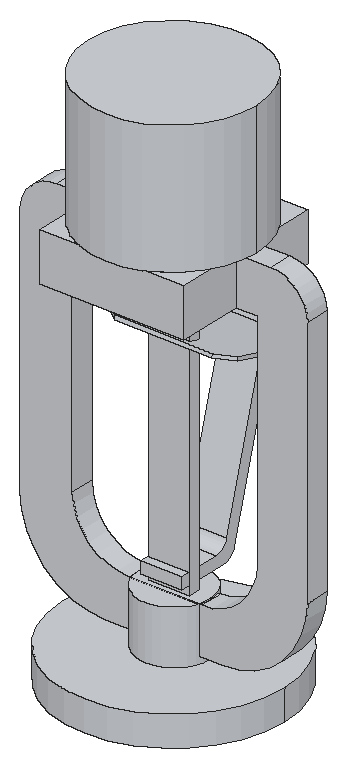
Revit family
Parameters (values of type "RASCO GFR PENDENT")
  Temperature Rating = 165 °F
  Response = 1
  RASCO SIN # = "R3115"
  RASCO Part # = "GFRPC"
  Pressure Rating = "175 PSI"
  Pressure Class = (empty or 0)
  Orifice Size = 1/2"
  Orifice = (empty or 0)
  Model = "GFR"
  Manufacturer = "RASCO"
  K-Factor = 8
  Description = "Chrome Finish"
  Coverage = (empty or 0)
Reference planes (in)
  plane 1 "Center (Front/Back)": y = 0
  plane 2: z = 0
  plane 3 "Center (Left/Right)": x = 0
Dimensions and locks (in)
  aligned and locked: plane 2 to level
Nested families (in)
  nested 1: "GFRPC" at (-0.0055, 0, 2.875) x (-1, 0, 0) z (0, 0, -1), type "RASCO GFR PENDENT"
Connectors (in)
  piping at (-0.0055, 0, 2.875)
    settings: on nested 1, index 1, connector radius 0.45", flow factor 0, pipe flow 0 GPM, pressure drop 0.00 psi, fitting loss kfactor 0, connector angle 0.00°, fixture units 0, flow configuration 0, flow direction 0, fitting loss method 0, system type 7, connector reference index -1, connector utility 0, adjustable connector no, is connector primary yes, fitting loss table "", connector description ""
Definition of nested family "GFRPC"
  Parameters (values of type "RASCO GFR PENDENT")
    Type Comments = ""
    Temperature Rating = 0 °F
    Response = (empty or 0)
    Pressure Rating = "0"
    Pressure Class = (empty or 0)
    Orifice Size = 0"
    Orifice = (empty or 0)
    Model = ""
    Manufacturer = ""
    K-Factor = 0
    Description = ""
    Coverage = (empty or 0)
    Assembly Code = ""
  Reference planes (in)
    plane 1 "Center (Front/Back)": y = 0
    plane 2: z = 0
    plane 3 "ref.2": z = 0.6875
    plane 4 "ref.3": z = 0.9375
    plane 5: x = -0.38065
    plane 6: x = 0.36935
    plane 7 "ref. side 1": y = 0.06402
    plane 8 "ref. side 2": y = -0.06098
    plane 9 "ref.4": z = 1.875
    plane 10 "ref.5": z = 2.875
    plane 11 "center": x = -0.00574
    plane 12 "clip": through (0, 0.52703, 1.36085) normal (0, 0.2756, -0.9613)
    plane 13 "head": z = 2.83335
  Forms (in)
    Extrusion 1, solid
      sketch origin (0, 0, 0) x (1, 0, 0) y (0, 1, 0)
        loop
          circle (0, 0) r 0.438
      from 0 to 0.6875
    Extrusion 2, solid
      sketch origin (-0.12185, 0.05177, 0.6875) x (1, 0, 0) y (0, 1, 0)
        loop
          line (-0.2588, 0.356) -> (-0.2588, -0.4565) -> (0.4912, -0.4565) -> (0.4912, 0.356) -> (-0.2588, 0.356)
      from 0 to 0.25
    Extrusion 3, solid
      sketch origin (0, 0, 0) x (1, 0, 0) y (0, 0, 1)
        loop
          line (-0.49248, 0.9375) -> (-0.49248, 2.10276)
          arc (-0.49248, 2.10276) -> (-0.40724, 2.30855) -> (-0.20145, 2.39379) r 0.29103
          line (-0.20145, 2.39379) -> (0.18108, 2.39379)
          arc (0.18108, 2.39379) -> (0.38905, 2.30765) -> (0.47519, 2.09969) r 0.29411
          line (0.47519, 2.09969) -> (0.47519, 0.9375) -> (0.36935, 0.9375) -> (0.36935, 0.6875) -> (0.55741, 0.6875)
          arc (0.55741, 0.6875) -> (0.69165, 0.7431) -> (0.74725, 0.87734) r 0.18984
          line (0.74725, 0.87734) -> (0.74725, 2.19113)
          arc (0.74725, 2.19113) -> (0.61669, 2.50631) -> (0.3015, 2.63687) r 0.44574
          line (0.3015, 2.63687) -> (-0.30719, 2.63687)
          arc (-0.30719, 2.63687) -> (-0.62225, 2.50637) -> (-0.75275, 2.19131) r 0.44556
          line (-0.75275, 2.19131) -> (-0.75275, 0.87876)
          arc (-0.75275, 0.87876) -> (-0.69673, 0.74352) -> (-0.56149, 0.6875) r 0.19126
          line (-0.56149, 0.6875) -> (-0.38065, 0.6875) -> (-0.38065, 0.9375) -> (-0.49248, 0.9375)
      from -0.06402 to 0.06098
    Extrusion 4, solid
      sketch origin (-0.00199, 0, 2.4375) x (-1, 0, 0) y (0, -1, 0)
        loop
          circle (0.00574, -0.00152) r 0.1875
      from -0.04371 to 0.4375
    Extrusion 5, solid
      sketch origin (0, 0, 0.9375) x (-1, 0, 0) y (0, -1, 0)
        loop
          line (-0.10175, -0.02852) -> (0.11324, -0.02852) -> (0.11324, 0.03101) -> (-0.10175, 0.03101) -> (-0.10175, -0.02852)
      from 0 to 1.45629
    Extrusion 6, solid
      sketch origin (-0.00574, 0, 0) x (0, 0, -1) y (0, -1, 0)
        loop
          line (-2.34418, 0.08154) -> (-2.34418, -0.18975)
          arc (-2.34418, -0.18975) -> (-2.3294, -0.23392) -> (-2.29102, -0.2603) r 0.07339
          line (-2.29102, -0.2603) -> (-1.29471, -0.54599) -> (-1.27823, -0.48852) -> (-2.23088, -0.21535)
          arc (-2.23088, -0.21535) -> (-2.26901, -0.18915) -> (-2.28369, -0.14527) r 0.07291
          line (-2.28369, -0.14527) -> (-2.28369, 0.08154) -> (-2.34418, 0.08154)
      from -0.1075 to 0.1075
    Extrusion 7, solid
      sketch origin (0, -0.32053, 1.11781) x (0, 0.961262, 0.275637) y (1, 0, 0)
        loop
          line (0.84059, -0.34079) -> (0.916, -0.26539) -> (0.916, 0.24563) -> (0.84145, 0.32018) -> (0.33718, 0.32018) -> (0.26218, 0.24518) -> (0.26218, -0.26617) -> (0.3368, -0.34079) -> (0.84059, -0.34079)
      from -0.01906 to 0
    Extrusion 8, solid
      sketch origin (0, 0, 2.83335) x (-1, 0, 0) y (0, -1, 0)
        loop
          circle (0.00574, 0) r 0.57975
      from 0 to -0.159
  Cuts and joins
    joined: Extrusion 1, Extrusion 2
